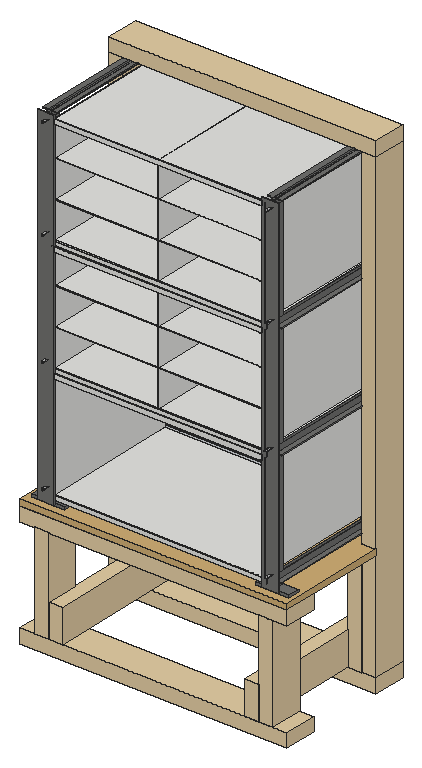
Revit family "Mailboxes_Aluminum-Data_Distribution_System-Salsbury_Industries-3_Unit_High_Wall_Installation", category Specialty Equipment, host Wall, Revit 2016
Family settings
  Host = Wall
  Part Type = Normal
  Round Connector Dimension = Use Diameter
  OmniClass Number = 23.40.90.14.11
  OmniClass Title = Mail Boxes
  Always vertical = Yes
  Cut with Voids When Loaded = No
  Shared = No
  Room Calculation Point = No
Parameters (values of type "Single Column Installation-2400 Series Mailboxes-3 High")
  Version = "2.0 (06/30/18)"
  URL = "www.mailboxes.com"
  Type Comments = "Data Distribution System for Aluminum Mailbox Units"
  Trim Material = Steel - Salsbury Finish - Black
  Starter and Add On Configuration (not applicable) = yes
  Starter Configuration (not applicable) = yes
  Rough Opening Width = 25.375"
  Rough Opening Height = 37.375"
  Rack Ladder Spacing = 23.875"
  Right RO Offset = 1.500"
  Rack Ladder Offset = 0.750"
  Rack Ladder Height = Rack Ladder Units : 2200C3
  Platform Material = Plywood
  OmniClass 23 Title = "Mail Boxes"
  OmniClass 23 Number = "23.40.90.14.11"
  Model = "2400 Series"
  MasterFormat Title = "Postal Specialties"
  MasterFormat Number = "10 55 00"
  Manufacturer = "Salsbury Industries"
  Lock Material = Stainless Steel -Salsbury Finish - Polished
  Left RO Offset = 1.500"
  Front Panel Material = Aluminum - Salsbury Finish - Aluminum
  End Column and Add On Configuration (not applicable) = yes
  Description = "3 Unit High  Installation - Single Column"
  Base Height [instance] = 13.780"
  Base Depth = 16.000"
  Back Enclosure Material = Steel - Salsbury Finish - Clear
  Assembly Code = "C1030910"
  2x4 Platform Support = Softwood, Lumber
  2400 Series Mailbox - Location 3 [instance] = Data Distribution Mailbox Units : 2406
  2400 Series Mailbox - Location 2 [instance] = Data Distribution Mailbox Units : 2406
  2400 Series Mailbox - Location 1 [instance] = Data Distribution Mailbox Units : 2401
Reference planes (in)
  plane 1 "Center of Wall": y = 0
  plane 2 "Center (Left/Right)": x = 0
  plane 3 "Front Face of Wall": y = 2.4375
  plane 4 "Left Side of RO": x = 12.6875
  plane 5 "Right Side of RO": x = -12.6875
  plane 6 "Top of RO": z = 51.155
  plane 7 "Bottom of RO": z = 13.78
  plane 8 "Back of Platform": y = -13.5625
  plane 9 "Floor": z = 0
  plane 10 "Back Face of Wall": y = -2.4375
  plane 11: y = -9.0625
  plane 12 "Base-Back Bottom Frame": z = 1.5
  plane 13 "Base-Back TopFrame": z = 11.655
  plane 14 "Base Center-Back TopFrame": z = 12.405
  plane 15 "Base Center-Back Bottom Frame": z = 0.75
  plane 16 "Bottom of Platform": z = 13.155
  plane 17 "Brace/Support Align-Right": x = -11.1875
  plane 18 "Brace/Support Align-Left": x = 11.1875
  plane 19 "Wall Opening Extension - Left": x = 14.1875
  plane 20 "Wall Opening Extension - Right": x = -14.1875
  plane 21 "Wall Opening Extension - Top": z = 52.655
  plane 22 "Right Rack Ladder Align": x = -11.9375
  plane 23 "Left Rack Ladder Align": x = 11.9375
  plane 24: z = 5
  plane 25: y = -1.75
  plane 26: y = 1.75
  plane 27 "Mail Align 1": z = 14.7175
  plane 28: z = 26.8425
  plane 29: z = 38.9675
  plane 30: z = 51.0925
  plane 31: z = 63.2175
  plane 32: z = 75.3425
  plane 33 "Center of Mailboxes": x = 0
  plane 34 "Mailbox Side Align": x = 11.5935
  plane 35: x = -12.6875
  plane 36: x = 12.6875
  plane 37: y = 2.0625
  plane 38: x = 9.6875
  plane 39: x = -9.6875
  plane 40: y = -10.0625
  plane 41 "15"AFF - Low Reach Limit": z = 15
Forms (in)
  Extrusion 1, void
    sketch origin (0, 0, 0) x (1, 0, 0) y (0, 0, 1)
      loop
        line (12.6875, 51.155) -> (-12.6875, 51.155) -> (-12.6875, 13.78) -> (12.6875, 13.78) -> (12.6875, 51.155)
    from -2.4375 to 2.4375
  Extrusion 2, void
    sketch origin (0, -2.4375, 0) x (-1, 0, 0) y (0, 0, 1)
      loop
        line (12.6875, 13.78) -> (-12.6875, 13.78) -> (-12.6875, 0) -> (12.6875, 0) -> (12.6875, 13.78)
    from 0 to 4.5
  Extrusion 3, solid, material "Softwood, Lumber" <- "2x4 Platform Support"
    sketch origin (0, 0, 0) x (1, 0, 0) y (0, 1, 0)
      loop
        line (14.1875, -13.5625) -> (14.1875, -10.0625) -> (-14.1875, -10.0625) -> (-14.1875, -13.5625) -> (14.1875, -13.5625)
    from 0 to 1.5
  Extrusion 4, solid, material "Softwood, Lumber" <- "2x4 Platform Support"
    sketch origin (0, 11.8125, 0) x (1, 0, 0) y (0, 1, 0)
      loop
        line (14.1875, -13.5625) -> (14.1875, -10.0625) -> (-14.1875, -10.0625) -> (-14.1875, -13.5625) -> (14.1875, -13.5625)
    from 0 to 1.5
  Extrusion 5, solid, material "Softwood, Lumber" <- "2x4 Platform Support"
    sketch origin (0, 0, 11.655) x (1, 0, 0) y (0, 1, 0)
      loop
        line (14.1875, -13.5625) -> (14.1875, -10.0625) -> (-14.1875, -10.0625) -> (-14.1875, -13.5625) -> (14.1875, -13.5625)
    from 0 to 1.5
  Extrusion 6, solid, material "Softwood, Lumber" <- "2x4 Platform Support"
    sketch origin (0, 0, 11.655) x (1, 0, 0) y (0, 1, 0)
      loop
        line (12.6875, -1.75) -> (12.6875, 1.75) -> (-12.6875, 1.75) -> (-12.6875, -1.75) -> (12.6875, -1.75)
    from 0 to 1.5
  Extrusion 7, solid, material "Softwood, Lumber" <- "2x4 Platform Support"
    sketch origin (-12.6875, 0, 0) x (0, 0, -1) y (0, 1, 0)
      loop
        line (-11.655, -13.5625) -> (-1.5, -13.5625) -> (-1.5, -10.0625) -> (-11.655, -10.0625) -> (-11.655, -13.5625)
    from 0 to 1.5
  Extrusion 8, solid, material "Softwood, Lumber" <- "2x4 Platform Support"
    sketch origin (-12.6875, 0, 0) x (0, 0, -1) y (0, 1, 0)
      loop
        line (-11.655, -1.75) -> (-1.5, -1.75) -> (-1.5, 1.75) -> (-11.655, 1.75) -> (-11.655, -1.75)
    from 0 to 1.5
  Extrusion 9, solid, material "Softwood, Lumber" <- "2x4 Platform Support", visible <- "End Column and Add On Configuration (not applicable)"
    sketch origin (12.6875, 0, 0) x (0, 0, -1) y (0, 1, 0)
      loop
        line (-11.655, -13.5625) -> (-1.5, -13.5625) -> (-1.5, -10.0625) -> (-11.655, -10.0625) -> (-11.655, -13.5625)
    from 0 to -1.5
  Extrusion 10, solid, material "Softwood, Lumber" <- "2x4 Platform Support", visible <- "End Column and Add On Configuration (not applicable)"
    sketch origin (12.6875, 0, 0) x (0, 0, -1) y (0, 1, 0)
      loop
        line (-11.655, -1.75) -> (-1.5, -1.75) -> (-1.5, 1.75) -> (-11.655, 1.75) -> (-11.655, -1.75)
    from 0 to -1.5
  Extrusion 11, solid, material "Softwood, Lumber" <- "2x4 Platform Support"
    sketch origin (-11.1875, 0, 0) x (0, 0, -1) y (0, -1, 0)
      loop
        line (-1.5, 13.5625) -> (-5, 13.5625) -> (-5, -1.75) -> (-1.5, -1.75) -> (-1.5, 13.5625)
    from 0 to -1.5
  Extrusion 12, solid, material "Softwood, Lumber" <- "2x4 Platform Support", visible <- "End Column and Add On Configuration (not applicable)"
    sketch origin (11.1875, 0, 0) x (0, 0, -1) y (0, -1, 0)
      loop
        line (-1.5, 13.5625) -> (-5, 13.5625) -> (-5, -1.75) -> (-1.5, -1.75) -> (-1.5, 13.5625)
    from 0 to 1.5
  Extrusion 13, void
    sketch origin (0, 0, 52.655) x (0, -1, 0) y (1, 0, 0)
      loop
        line (2.4375, -14.1875) -> (2.4375, 14.1875) -> (-2.06201, 14.1875) -> (-2.06201, -14.1875) -> (2.4375, -14.1875)
    from -52.655 to 0
  Extrusion 14, solid, material "Softwood, Lumber" <- "2x4 Platform Support", visible <- "End Column and Add On Configuration (not applicable)"
    sketch origin (14.1875, 0, 0) x (0, -1, 0) y (0, 0, 1)
      loop
        line (1.75, 1.5) -> (1.75, 51.155) -> (-1.75, 51.155) -> (-1.75, 1.5) -> (1.75, 1.5)
    from 0 to 1.5
  Extrusion 15, solid, material "Softwood, Lumber" <- "2x4 Platform Support", visible <- "Starter and Add On Configuration (not applicable)"
    sketch origin (-14.1875, 0, 0) x (0, -1, 0) y (0, 0, 1)
      loop
        line (1.75, 1.5) -> (1.75, 51.155) -> (-1.75, 51.155) -> (-1.75, 1.5) -> (1.75, 1.5)
    from 0 to -1.5
  Extrusion 16, solid, material "Softwood, Lumber" <- "2x4 Platform Support"
    sketch origin (0, 11.8125, 52.655) x (0, -1, 0) y (1, 0, 0)
      loop
        line (13.5625, 14.1875) -> (10.0625, 14.1875) -> (10.0625, -14.1875) -> (13.5625, -14.1875) -> (13.5625, 14.1875)
    from 0 to -1.5
  Extrusion 17, solid, material "Plywood" <- "Platform Material"
    sketch origin (0, 0, 13.155) x (0, -1, 0) y (1, 0, 0)
      loop
        line (13.5625, -14.1875) -> (13.5625, 14.1875) -> (-2.0625, 14.1875) -> (-2.0625, -14.1875) -> (13.5625, -14.1875)
    from 0 to 0.625
  Extrusion 18, void
    sketch origin (-12.6875, 0, 0) x (0, 0, -1) y (0, 1, 0)
      loop
        line (-13.155, 2.0625) -> (-13.78, 2.0625) -> (-13.78, -1.75) -> (-13.155, -1.75) -> (-13.155, 2.0625)
    from 0 to -1.5
  Extrusion 19, void
    sketch origin (12.6875, 0, 0) x (0, 0, -1) y (0, 1, 0)
      loop
        line (-13.155, 2.0625) -> (-13.78, 2.0625) -> (-13.78, -1.75) -> (-13.155, -1.75) -> (-13.155, 2.0625)
    from 0 to 1.5
Cuts and joins
  Extrusion 18 cuts Extrusion 6
  Extrusion 18, Extrusion 19 cuts Extrusion 17
Lines and regions (in)
  symbolic lines
    curve 1: line (-14.1875, -13.5625, 14.7175) -> (14.1875, -13.5625, 14.7175)
    curve 2: line (-14.1875, 1.75, 14.7175) -> (-14.1875, -13.5625, 14.7175)
    curve 3: line (14.1875, 1.75, 14.7175) -> (-14.1875, 1.75, 14.7175)
    curve 4: line (14.1875, -13.5625, 14.7175) -> (14.1875, 1.75, 14.7175)
    curve 5: line (-14.1875, -1.75, 14.7175) -> (14.1875, -1.75, 14.7175)
    curve 6: line (-12.6875, -1.75, 52.655) -> (-12.6875, 1.75, 52.655)
    curve 7: line (-12.6875, -1.75, 0) -> (-12.6875, -1.75, 52.655)
    curve 8: line (-12.6875, 1.75, 0) -> (-12.6875, -1.75, 0)
    curve 9: line (-12.6875, 1.75, 52.655) -> (-12.6875, 1.75, 0)
    curve 10: line (-12.6875, -13.5625, 13.155) -> (-12.6875, -10.0625, 13.155)
    curve 11: line (-12.6875, -13.5625, 0) -> (-12.6875, -13.5625, 13.155)
    curve 12: line (-12.6875, -10.0625, 0) -> (-12.6875, -13.5625, 0)
    curve 13: line (-12.6875, -10.0625, 13.155) -> (-12.6875, -10.0625, 0)
    curve 14: line (-12.6875, -13.5625, 11.655) -> (-12.6875, -10.0625, 11.655)
    curve 15: line (-12.6875, -13.5625, 1.5) -> (-12.6875, 1.75, 1.5)
    curve 16: line (-12.6875, -10.0625, 5) -> (-12.6875, -1.75, 5)
    curve 17: line (-12.6875, -13.5625, 13.78) -> (-12.6875, -1.75, 13.78)
    curve 18: line (-12.6875, -13.5625, 13.155) -> (-12.6875, -13.5625, 13.78)
    curve 19: line (-12.6875, -1.75, 13.155) -> (-12.6875, -13.5625, 13.155)
    curve 20: line (-12.6875, -1.75, 51.155) -> (-12.6875, 1.75, 51.155)
    curve 21: line (-14.1875, 0, 52.655) -> (14.1875, 0, 52.655)
    curve 22: line (-14.1875, 0, 51.155) -> (-14.1875, 0, 52.655)
    curve 23: line (14.1875, 0, 51.155) -> (-14.1875, 0, 51.155)
    curve 24: line (14.1875, 0, 52.655) -> (14.1875, 0, 51.155)
    curve 25: line (-14.1875, 0, 51.155) -> (-14.1875, 0, 1.5)
    curve 26: line (14.1875, 0, 51.155) -> (14.1875, 0, 1.5)
    curve 27: line (-14.1875, 0, 0) -> (14.1875, 0, 0)
    curve 28: line (-14.1875, 0, 1.5) -> (-14.1875, 0, 0)
    curve 29: line (14.1875, 0, 1.5) -> (-14.1875, 0, 1.5)
    curve 30: line (14.1875, 0, 0) -> (14.1875, 0, 1.5)
    curve 31: line (-14.1875, 0, 13.155) -> (14.1875, 0, 13.155)
    curve 32: line (-14.1875, 0, 13.78) -> (14.1875, 0, 13.78)
    curve 33: line (14.1875, 0, 11.655) -> (-14.1875, 0, 11.655)
    curve 34: line (-12.6875, 0, 1.5) -> (-12.6875, 0, 11.655)
    curve 35: line (-11.1875, 0, 1.5) -> (-11.1875, 0, 11.655)
    curve 36: line (-9.6875, 0, 1.5) -> (-9.6875, 0, 5)
    curve 37: line (-11.1875, 0, 5) -> (-9.6875, 0, 5)
    curve 38: line (11.1875, 0, 1.5) -> (11.1875, 0, 11.655)
    curve 39: line (12.6875, 0, 1.5) -> (12.6875, 0, 11.655)
    curve 40: line (9.6875, 0, 1.5) -> (9.6875, 0, 5)
    curve 41: line (11.1875, 0, 5) -> (9.6875, 0, 5)
Text (in)
  text "Placement Side" at (0, 40.15149, 123.01588), in view "Right"
  text "Placement Side" at (-58.6842, 42.74981, 0), in view "Ref. Level"
  text "Placement Side" at (0, 47.49176, 140.59947), in view "Left"
Dimensions and locks (in)
  locked: plane 3 "Front Face of Wall" to host wall
  equal spacing: plane 4 "Left Side of RO", plane 2 "Center (Left/Right)", plane 5 "Right Side of RO"
  "Rough Opening Width": plane 4 "Left Side of RO" to plane 5 "Right Side of RO"
  "Rough Opening Height": plane 7 "Bottom of RO" to plane 6 "Top of RO"
  "Base Height": plane 9 "Floor" to plane 7 "Bottom of RO"
  "Base Depth": plane 8 "Back of Platform" to plane 3 "Front Face of Wall"
  plane 8 "Back of Platform" to plane 11 = 4.500"
  plane 24 to plane 12 "Base-Back Bottom Frame" to plane 15 "Base Center-Back Bottom Frame" to plane 9 "Floor" = 3.500", 0.750", 0.750"
  plane 7 "Bottom of RO" to plane 16 "Bottom of Platform" to plane 14 "Base Center-Back TopFrame" to plane 13 "Base-Back TopFrame" = 0.625", 0.750", 0.750"
  plane 5 "Right Side of RO" to plane 17 "Brace/Support Align-Right" to plane 39 = 1.500" locked, 1.500" locked
  plane 38 to plane 18 "Brace/Support Align-Left" to plane 4 "Left Side of RO" = 1.500" locked, 1.500" locked
  "Left RO Offset": plane 4 "Left Side of RO" to plane 19 "Wall Opening Extension - Left"
  "Right RO Offset": plane 20 "Wall Opening Extension - Right" to plane 5 "Right Side of RO"
  locked: plane 21 "Wall Opening Extension - Top" to plane 6 "Top of RO" at 1.5
  "Rack Ladder Spacing": plane 22 "Right Rack Ladder Align" to plane 23 "Left Rack Ladder Align"
  plane 25 to plane 1 "Center of Wall" to plane 26 = 1.750", 1.750"
  "Rack Ladder Offset": plane 22 "Right Rack Ladder Align" to plane 5 "Right Side of RO"
  plane 32 to plane 31 to plane 30 to plane 29 to plane 28 to plane 27 "Mail Align 1" to plane 7 "Bottom of RO" = 12.125", 12.125", 12.125", 12.125", 12.125", 0.9375"
  equal spacing: plane 22 "Right Rack Ladder Align", plane 33 "Center of Mailboxes", plane 23 "Left Rack Ladder Align"
  locked: plane 34 "Mailbox Side Align" to plane 23 "Left Rack Ladder Align" at 0.344
  locked: plane 20 "Wall Opening Extension - Right" to plane 35 at 1.5
  locked: plane 36 to plane 19 "Wall Opening Extension - Left" at 1.5
  locked: plane 37 to plane 3 "Front Face of Wall" at 0.375
  locked: plane 41 "15"AFF - Low Reach Limit" to plane 9 "Floor" at 15
  aligned and locked: plane 9 "Floor" to level
  aligned and locked: plane 6 "Top of RO" to Extrusion 1 sketch curve
  aligned and locked: plane 5 "Right Side of RO" to Extrusion 1 sketch curve
  aligned and locked: Extrusion 1 sketch curve to plane 4 "Left Side of RO"
  aligned and locked: Extrusion 1 sketch curve to plane 7 "Bottom of RO"
  aligned and locked: host wall to Extrusion 1  (x2)
  aligned and locked: plane 10 "Back Face of Wall" to host wall
  aligned and locked: plane 7 "Bottom of RO" to Extrusion 2 sketch curve
  aligned and locked: Extrusion 2 sketch curve to plane 4 "Left Side of RO"
  aligned and locked: plane 5 "Right Side of RO" to Extrusion 2 sketch curve
  aligned and locked: Extrusion 2 sketch curve to plane 9 "Floor"
  aligned and locked: Extrusion 3 to plane 12 "Base-Back Bottom Frame"
  aligned and locked: plane 4 "Left Side of RO" to Extrusion 6
  aligned and locked: Extrusion 6 to plane 5 "Right Side of RO"
  aligned and locked: plane 12 "Base-Back Bottom Frame" to Extrusion 7
  aligned and locked: Extrusion 7 to plane 13 "Base-Back TopFrame"
  aligned and locked: plane 13 "Base-Back TopFrame" to Extrusion 5
  aligned and locked: plane 12 "Base-Back Bottom Frame" to Extrusion 8
  aligned and locked: plane 12 "Base-Back Bottom Frame" to Extrusion 9
  aligned and locked: plane 12 "Base-Back Bottom Frame" to Extrusion 10
  aligned and locked: Extrusion 9 to plane 13 "Base-Back TopFrame"
  aligned and locked: Extrusion 10 to plane 13 "Base-Back TopFrame"
  aligned and locked: Extrusion 4 to Extrusion 12
  aligned and locked: Extrusion 4 to Extrusion 11
  aligned and locked: Extrusion 13 sketch curve to plane 20 "Wall Opening Extension - Right"
  aligned and locked: plane 19 "Wall Opening Extension - Left" to Extrusion 13 sketch curve
  aligned and locked: Extrusion 4 to plane 19 "Wall Opening Extension - Left"
  aligned and locked: plane 20 "Wall Opening Extension - Right" to Extrusion 4
  aligned and locked: Extrusion 17 to plane 7 "Bottom of RO"
  aligned and locked: Extrusion 13 to level
  aligned and locked: plane 24 to Extrusion 12
  aligned and locked: Extrusion 11 to plane 24
  aligned and locked: nested 1 to plane 7 "Bottom of RO"
  aligned and locked: nested 2 to plane 23 "Left Rack Ladder Align"
  aligned and locked: nested 1 to plane 22 "Right Rack Ladder Align"
  aligned and locked: plane 7 "Bottom of RO" to nested 2
  aligned and locked: plane 3 "Front Face of Wall" to nested 1
  aligned and locked: nested 2 to plane 3 "Front Face of Wall"
  aligned and locked: Extrusion 5 to Extrusion 4
  aligned and locked: Extrusion 5 to plane 19 "Wall Opening Extension - Left"
  aligned and locked: Extrusion 5 to Extrusion 17
  aligned and locked: Extrusion 17 to Extrusion 5
  aligned and locked: Extrusion 4 to Extrusion 3  (x2)
  aligned and locked: Extrusion 4 to plane 12 "Base-Back Bottom Frame"
  aligned and locked: plane 12 "Base-Back Bottom Frame" to Extrusion 15
  aligned and locked: Extrusion 15 to plane 6 "Top of RO"
  aligned and locked: Extrusion 14 to plane 6 "Top of RO"
  aligned and locked: Extrusion 16 to plane 19 "Wall Opening Extension - Left"
  aligned and locked: plane 20 "Wall Opening Extension - Right" to Extrusion 16
  aligned and locked: Extrusion 17 to Extrusion 3  (x2)
  aligned and locked: plane 25 to Extrusion 4
  aligned and locked: Extrusion 4 to plane 26
  aligned and locked: plane 25 to Extrusion 14
  aligned and locked: Extrusion 14 to plane 26
  aligned and locked: Extrusion 10 to plane 26
  aligned and locked: plane 25 to Extrusion 10
  aligned and locked: plane 25 to cut or joined group of Extrusion 6, Extrusion 18
  aligned and locked: cut or joined group of Extrusion 6, Extrusion 18 to plane 26
  aligned and locked: plane 25 to Extrusion 8
  aligned and locked: Extrusion 8 to plane 26
  aligned and locked: Extrusion 16 to plane 26  (x2)
  aligned and locked: plane 25 to Extrusion 16
  aligned and locked: cut or joined group of Extrusion 17, Extrusion 18, Extrusion 19 to Extrusion 18
  aligned and locked: Extrusion 18 to Extrusion 4
  aligned and locked: Extrusion 19 to cut or joined group of Extrusion 17, Extrusion 18, Extrusion 19
  aligned and locked: Extrusion 4 to Extrusion 19
  aligned and locked: nested 4 to plane 3 "Front Face of Wall"
  aligned and locked: nested 5 to plane 3 "Front Face of Wall"
  aligned and locked: plane 27 "Mail Align 1" to nested 3
  aligned and locked: plane 28 to nested 4
  aligned and locked: plane 29 to nested 5
  aligned and locked: nested 3 to plane 3 "Front Face of Wall"
  aligned and locked: nested 5 to plane 34 "Mailbox Side Align"
  aligned and locked: nested 4 to plane 34 "Mailbox Side Align"
  aligned and locked: nested 3 to plane 34 "Mailbox Side Align"
  aligned and locked: Extrusion 15 to plane 26
  aligned and locked: plane 25 to Extrusion 15
  aligned and locked: plane 25 to Extrusion 15 sketch curve
  aligned and locked: Extrusion 15 sketch curve to plane 26
  aligned and locked: Extrusion 15 sketch curve to plane 6 "Top of RO"
  aligned and locked: plane 12 "Base-Back Bottom Frame" to Extrusion 15 sketch curve
  aligned and locked: Extrusion 15 to plane 35
  aligned and locked: plane 20 "Wall Opening Extension - Right" to Extrusion 15
  aligned and locked: plane 12 "Base-Back Bottom Frame" to Extrusion 14 sketch curve
  aligned and locked: plane 25 to Extrusion 14 sketch curve
  aligned and locked: Extrusion 14 sketch curve to plane 26
  aligned and locked: Extrusion 14 sketch curve to plane 6 "Top of RO"
  aligned and locked: Extrusion 14 to plane 36
  aligned and locked: Extrusion 14 to plane 19 "Wall Opening Extension - Left"
  aligned and locked: plane 26 to Extrusion 16 sketch curve
  aligned and locked: Extrusion 16 sketch curve to plane 20 "Wall Opening Extension - Right"
  aligned and locked: Extrusion 16 sketch curve to plane 25
  aligned and locked: plane 19 "Wall Opening Extension - Left" to Extrusion 16 sketch curve
  aligned and locked: Extrusion 16 to plane 21 "Wall Opening Extension - Top"
  aligned and locked: plane 6 "Top of RO" to Extrusion 16
  aligned and locked: plane 20 "Wall Opening Extension - Right" to Extrusion 17 sketch curve
  aligned and locked: Extrusion 17 sketch curve to plane 19 "Wall Opening Extension - Left"
  aligned and locked: plane 8 "Back of Platform" to Extrusion 17 sketch curve
  aligned and locked: plane 37 to Extrusion 17 sketch curve
  aligned and locked: plane 16 "Bottom of Platform" to cut or joined group of Extrusion 17, Extrusion 18, Extrusion 19
  aligned and locked: plane 5 "Right Side of RO" to Extrusion 6 sketch curve
  aligned and locked: plane 26 to Extrusion 6 sketch curve
  aligned and locked: Extrusion 6 sketch curve to plane 25
  aligned and locked: Extrusion 6 sketch curve to plane 4 "Left Side of RO"
  aligned and locked: plane 13 "Base-Back TopFrame" to cut or joined group of Extrusion 6, Extrusion 18
  aligned and locked: cut or joined group of Extrusion 6, Extrusion 18 to plane 16 "Bottom of Platform"
  aligned and locked: plane 40 to Extrusion 5 sketch curve
  aligned and locked: Extrusion 5 sketch curve to plane 8 "Back of Platform"
  aligned and locked: Extrusion 5 sketch curve to plane 20 "Wall Opening Extension - Right"
  aligned and locked: plane 19 "Wall Opening Extension - Left" to Extrusion 5 sketch curve
  aligned and locked: Extrusion 5 to plane 16 "Bottom of Platform"
  aligned and locked: plane 13 "Base-Back TopFrame" to Extrusion 8 sketch curve
  aligned and locked: Extrusion 8 sketch curve to plane 25
  aligned and locked: plane 26 to Extrusion 8 sketch curve
  aligned and locked: Extrusion 8 sketch curve to plane 12 "Base-Back Bottom Frame"
  aligned and locked: Extrusion 8 to plane 17 "Brace/Support Align-Right"
  aligned and locked: Extrusion 8 to plane 5 "Right Side of RO"
  aligned and locked: plane 13 "Base-Back TopFrame" to Extrusion 7 sketch curve
  aligned and locked: Extrusion 7 sketch curve to plane 12 "Base-Back Bottom Frame"
  aligned and locked: plane 40 to Extrusion 7 sketch curve
  aligned and locked: Extrusion 7 sketch curve to plane 8 "Back of Platform"
  aligned and locked: Extrusion 7 to plane 17 "Brace/Support Align-Right"
  aligned and locked: Extrusion 7 to plane 5 "Right Side of RO"
  aligned and locked: Extrusion 11 sketch curve to plane 24
  aligned and locked: plane 12 "Base-Back Bottom Frame" to Extrusion 11 sketch curve
  aligned and locked: plane 8 "Back of Platform" to Extrusion 11 sketch curve
  aligned and locked: Extrusion 11 sketch curve to plane 26
  aligned and locked: plane 39 to Extrusion 11
  aligned and locked: plane 17 "Brace/Support Align-Right" to Extrusion 11
  aligned and locked: plane 13 "Base-Back TopFrame" to Extrusion 10 sketch curve
  aligned and locked: Extrusion 10 sketch curve to plane 12 "Base-Back Bottom Frame"
  aligned and locked: Extrusion 10 sketch curve to plane 25
  aligned and locked: plane 26 to Extrusion 10 sketch curve
  aligned and locked: plane 4 "Left Side of RO" to Extrusion 10
  aligned and locked: plane 18 "Brace/Support Align-Left" to Extrusion 10
  aligned and locked: plane 13 "Base-Back TopFrame" to Extrusion 9 sketch curve
  aligned and locked: Extrusion 9 sketch curve to plane 12 "Base-Back Bottom Frame"
  aligned and locked: plane 40 to Extrusion 9 sketch curve
  aligned and locked: Extrusion 9 sketch curve to plane 8 "Back of Platform"
  aligned and locked: plane 4 "Left Side of RO" to Extrusion 9
  aligned and locked: plane 18 "Brace/Support Align-Left" to Extrusion 9
  aligned and locked: Extrusion 12 sketch curve to plane 26
  aligned and locked: Extrusion 12 sketch curve to plane 24
  aligned and locked: plane 12 "Base-Back Bottom Frame" to Extrusion 12 sketch curve
  aligned and locked: plane 8 "Back of Platform" to Extrusion 12 sketch curve
  aligned and locked: Extrusion 12 to plane 18 "Brace/Support Align-Left"
  aligned and locked: Extrusion 12 to plane 38
  aligned and locked: plane 26 to Extrusion 4 sketch curve
  aligned and locked: Extrusion 4 sketch curve to plane 25
  aligned and locked: plane 19 "Wall Opening Extension - Left" to Extrusion 4 sketch curve
  aligned and locked: Extrusion 4 sketch curve to plane 20 "Wall Opening Extension - Right"
  aligned and locked: plane 9 "Floor" to Extrusion 4
  aligned and locked: plane 40 to Extrusion 3 sketch curve
  aligned and locked: Extrusion 3 sketch curve to plane 8 "Back of Platform"
  aligned and locked: plane 19 "Wall Opening Extension - Left" to Extrusion 3 sketch curve
  aligned and locked: Extrusion 3 sketch curve to plane 20 "Wall Opening Extension - Right"
  aligned and locked: plane 9 "Floor" to Extrusion 3
  aligned and locked: plane 8 "Back of Platform" to curve 1
  aligned and locked: plane 20 "Wall Opening Extension - Right" to curve 2
  aligned and locked: curve 4 to plane 19 "Wall Opening Extension - Left"
  aligned and locked: plane 20 "Wall Opening Extension - Right" to curve 5
  aligned and locked: plane 19 "Wall Opening Extension - Left" to curve 5
  aligned and locked: plane 25 to curve 5
  aligned and locked: curve 7 to plane 25
  aligned and locked: plane 21 "Wall Opening Extension - Top" to curve 6
  aligned and locked: plane 26 to curve 9
  aligned and locked: curve 8 to plane 9 "Floor"
  aligned and locked: curve 12 to plane 9 "Floor"
  aligned and locked: plane 40 to curve 13
  aligned and locked: curve 11 to plane 8 "Back of Platform"
  aligned and locked: plane 16 "Bottom of Platform" to curve 10
  aligned and locked: plane 13 "Base-Back TopFrame" to curve 14
  aligned and locked: plane 12 "Base-Back Bottom Frame" to curve 15
  aligned and locked: plane 40 to curve 16
  aligned and locked: plane 25 to curve 16
  aligned and locked: plane 24 to curve 16
  aligned and locked: plane 7 "Bottom of RO" to curve 17
  aligned and locked: curve 19 to plane 16 "Bottom of Platform"
  aligned and locked: curve 18 to plane 8 "Back of Platform"
  aligned and locked: plane 26 to curve 20
  aligned and locked: plane 6 "Top of RO" to curve 20
  aligned and locked: curve 23 to plane 6 "Top of RO"
  aligned and locked: plane 21 "Wall Opening Extension - Top" to curve 21
  aligned and locked: plane 19 "Wall Opening Extension - Left" to curve 24
  aligned and locked: curve 22 to plane 20 "Wall Opening Extension - Right"
  aligned and locked: plane 6 "Top of RO" to curve 25
  aligned and locked: plane 12 "Base-Back Bottom Frame" to curve 25
  aligned and locked: plane 19 "Wall Opening Extension - Left" to curve 26
  aligned and locked: curve 29 to plane 12 "Base-Back Bottom Frame"
  aligned and locked: plane 9 "Floor" to curve 27
  aligned and locked: plane 20 "Wall Opening Extension - Right" to curve 28
  aligned and locked: curve 30 to plane 19 "Wall Opening Extension - Left"
  aligned and locked: plane 16 "Bottom of Platform" to curve 31
  aligned and locked: plane 20 "Wall Opening Extension - Right" to curve 33
  aligned and locked: plane 19 "Wall Opening Extension - Left" to curve 33
  aligned and locked: plane 7 "Bottom of RO" to curve 32
  aligned and locked: curve 33 to plane 13 "Base-Back TopFrame"
  aligned and locked: plane 24 to curve 36
  aligned and locked: curve 34 to plane 35
  aligned and locked: curve 35 to plane 17 "Brace/Support Align-Right"
  aligned and locked: plane 39 to curve 36
  aligned and locked: plane 17 "Brace/Support Align-Right" to curve 37
  aligned and locked: plane 39 to curve 37
  aligned and locked: plane 24 to curve 37
  aligned and locked: plane 13 "Base-Back TopFrame" to curve 39
  aligned and locked: plane 24 to curve 40
  aligned and locked: curve 39 to plane 36
  aligned and locked: curve 38 to plane 18 "Brace/Support Align-Left"
  aligned and locked: plane 38 to curve 40
  aligned and locked: plane 18 "Brace/Support Align-Left" to curve 41
  aligned and locked: plane 38 to curve 41
  aligned and locked: curve 41 to plane 24
Automatic sketch dimensions
  host wall to Extrusion 13 sketch curve = 0.000"
  Extrusion 13 sketch curve to host wall = 0.37549"
  plane 7 "Bottom of RO" to Extrusion 18 sketch curve = 0.000"
  plane 16 "Bottom of Platform" to Extrusion 18 sketch curve = 0.000"
  Extrusion 18 sketch curve to host wall = 0.6875"
  Extrusion 18 sketch curve to host wall = 0.375"
  plane 7 "Bottom of RO" to Extrusion 19 sketch curve = 0.000"
  plane 16 "Bottom of Platform" to Extrusion 19 sketch curve = 0.000"
  Extrusion 19 sketch curve to host wall = 0.6875"
  Extrusion 19 sketch curve to host wall = 0.375"
  plane 26 to curve 4 = 0.000"
Nested families (in)
  nested 1: "Rack Ladder Units" at (-11.9375, -5.125, 13.78), type <- "Rack Ladder Height", type "2200C3"
  nested 2: "Rack Ladder Units" at (11.9375, -5.125, 13.78) x (-1, 0, 0) z (0, 0, 1), type <- "Rack Ladder Height", visible <- "End Column and Add On Configuration (not applicable)", type "2200C3"
  nested 3: "Data Distribution Mailbox Units" at (-0.0315, -5.3125, 14.7175) x (-1, 0, 0) z (0, 0, 1), type <- "2400 Series Mailbox - Location 1", type "2401"
  nested 4: "Data Distribution Mailbox Units" at (-0.0315, -5.3125, 26.8425) x (-1, 0, 0) z (0, 0, 1), type <- "2400 Series Mailbox - Location 2", type "2406"
  nested 5: "Data Distribution Mailbox Units" at (-0.0315, -5.3125, 38.9675) x (-1, 0, 0) z (0, 0, 1), type <- "2400 Series Mailbox - Location 3", type "2406"
Definition of nested family "Rack Ladder Units"
  Parameters (values of type "2200C3")
    Width = 3.500"
    Visible = yes
    Version = "1.0 (04/30/16)"
    Type Comments = "Rack Ladder for Aluminum Mailboxes"
    Trim Material = none
    Number of Dividers = 3
    Model = "2200C3"
    Manufacturer = "Salsbury Industries"
    Lock Material = none
    Height = 37.375"
    Divider Spacing = 24.250"
    Description = "3 High - Custom"
    Depth = 15.875"
  Types (7): name | Visible | Number of Dividers | Model | Height | Divider Spacing | Description
    (no name) | yes | 3 | "2200C3" | 37.375" | 24.250" | "3 High - Custom"
    2200C6 | yes | 6 | "2200C6" | 73.750" | 60.625" | "6 High - Custom"
    2200C5 | yes | 5 | "2200C5" | 61.625" | 48.500" | "5 High - Standard"
    2200C4 | yes | 4 | "2200C4" | 49.500" | 36.375" | "4 High - Custom"
    2200C3 | yes | 3 | "2200C3" | 37.375" | 24.250" | "3 High - Custom"
    2200C2 | yes | 2 | "2200C2" | 25.250" | 12.125" | "2 High - Custom"
    None | no | 2 | "2200C2" | 25.250" | 12.125" | "2 High - Custom"
  Reference planes (in)
    plane 1 "Center (Front/Back)": y = 0
    plane 2 "bottom": z = 0
    plane 3 "Center (Left/Right)": x = 0
    plane 4 "left": y = -7.5625
    plane 5 "right": y = 7.5625
    plane 6 "Bottom of top divider": z = 37.3125
    plane 7 "back": x = -0.625
    plane 8 "front": x = 0.625
    plane 9: z = 0.9375
    plane 10: z = 13.0625
    plane 11: z = 25.1875
    plane 12: z = 37.3125
    plane 13: z = 49.4375
    plane 14: z = 25.1875
    plane 15 "Vertical Bar Base": z = 0.25
    plane 16: y = -6.3125
    plane 17: y = 6.0625
    plane 18: x = 1.75
    plane 19: x = -1.75
    plane 20: x = 0.125
    plane 21: x = -0.125
    plane 22: y = 7.3125
    plane 23 "Divider Left Align": y = -7.3125
    plane 24: x = 0.875
    plane 25: x = -0.875
    plane 26 "Back Plate Align": y = -7.8125
    plane 27 "Divider Right Align": y = 7.0625
    plane 28: y = -7.875
    plane 29: y = -8.3125
    plane 30 "top": z = 37.375
    plane 31: y = 6.3125
  Forms (in)
    Extrusion 1, solid, material <- "Trim Material", visible <- "Visible"
      sketch origin (0, 0, 0) x (1, 0, 0) y (0, 1, 0)
        loop
          line (-1.75, -6.3125) -> (-1.75, -7.5625) -> (1.75, -7.5625) -> (1.75, -6.3125) -> (-1.75, -6.3125)
      from 0 to 0.25
    Extrusion 2, solid, material <- "Trim Material", visible <- "Visible"
      sketch origin (0, -0.125, 0.25) x (1, 0, 0) y (0, 1, 0)
        loop
          line (-0.125, -6.1875) -> (-0.125, -7.4375) -> (0.125, -7.4375) -> (0.125, -6.1875) -> (-0.125, -6.1875)
      from 0 to 37.125
    Extrusion 3, solid, material <- "Trim Material", visible <- "Visible"
      sketch origin (0, 0, 0) x (1, 0, 0) y (0, 1, 0)
        loop
          line (-0.625, 6.3125) -> (1.75, 6.3125) -> (1.75, 7.5625) -> (-0.625, 7.5625) -> (-0.625, 6.3125)
      from 0 to 0.25
    Extrusion 4, solid, material <- "Trim Material", visible <- "Visible"
      sketch origin (0, -0.25, 0.25) x (1, 0, 0) y (0, 1, 0)
        loop
          line (-0.125, 6.3125) -> (0.125, 6.3125) -> (0.125, 7.5625) -> (-0.125, 7.5625) -> (-0.125, 6.3125)
      from 0 to 37.125
    Extrusion 5, solid, material <- "Trim Material", visible <- "Visible"
      sketch origin (0, 0, 0.25) x (1, 0, 0) y (0, 1, 0)
        loop
          line (-0.625, 7.5625) -> (-0.625, 7.3125) -> (0.625, 7.3125) -> (0.625, 7.5625) -> (-0.625, 7.5625)
      from 0 to 37.125
    Extrusion 6, solid, material <- "Trim Material", visible <- "Visible"
      sketch origin (0, -0.4375, 0.25) x (1, 0, 0) y (0, 1, 0)
        loop
          line (-0.875, -7.375) -> (-0.875, -7.4375) -> (0.875, -7.4375) -> (0.875, -7.375) -> (-0.875, -7.375)
      from 0 to 37.125
  Lines and regions (in)
    symbolic lines
      curve 1: line (-1.75, -6.3125, 37.3125) -> (1.75, -6.3125, 37.3125)
      curve 2: line (-1.75, -7.5625, 37.3125) -> (-1.75, -6.3125, 37.3125)
      curve 3: line (1.75, -7.5625, 37.3125) -> (-1.75, -7.5625, 37.3125)
      curve 4: line (1.75, -6.3125, 37.3125) -> (1.75, -7.5625, 37.3125)
      curve 5: line (-0.875, -7.8125, 37.3125) -> (0.875, -7.8125, 37.3125)
      curve 6: line (-0.875, -7.875, 37.3125) -> (-0.875, -7.8125, 37.3125)
      curve 7: line (0.875, -7.875, 37.3125) -> (-0.875, -7.875, 37.3125)
      curve 8: line (0.875, -7.8125, 37.3125) -> (0.875, -7.875, 37.3125)
      curve 9: line (-0.625, 7.5625, 37.3125) -> (1.75, 7.5625, 37.3125)
      curve 10: line (-0.625, 6.3125, 37.3125) -> (-0.625, 7.5625, 37.3125)
      curve 11: line (1.75, 6.3125, 37.3125) -> (-0.625, 6.3125, 37.3125)
      curve 12: line (1.75, 7.5625, 37.3125) -> (1.75, 6.3125, 37.3125)
      curve 13: line (-0.125, -6.3125, 37.3125) -> (0.125, -6.3125, 37.3125)
      curve 14: line (-0.125, -7.5625, 37.3125) -> (-0.125, -6.3125, 37.3125)
      curve 15: line (0.125, -7.5625, 37.3125) -> (-0.125, -7.5625, 37.3125)
      curve 16: line (0.125, -6.3125, 37.3125) -> (0.125, -7.5625, 37.3125)
      curve 17: line (-0.125, 7.3125, 37.3125) -> (0.125, 7.3125, 37.3125)
      curve 18: line (-0.125, 6.0625, 37.3125) -> (-0.125, 7.3125, 37.3125)
      curve 19: line (0.125, 6.0625, 37.3125) -> (-0.125, 6.0625, 37.3125)
      curve 20: line (0.125, 7.3125, 37.3125) -> (0.125, 6.0625, 37.3125)
      curve 21: line (0, -7.5625, 37.375) -> (0, -6.3125, 37.375)
      curve 22: line (0, -7.5625, 0) -> (0, -7.5625, 37.375)
      curve 23: line (0, -6.3125, 0) -> (0, -7.5625, 0)
      curve 24: line (0, -6.3125, 37.375) -> (0, -6.3125, 0)
      curve 25: line (0, 6.0625, 37.375) -> (0, 7.5625, 37.375)
      curve 26: line (0, 6.0625, 0) -> (0, 6.0625, 37.375)
      curve 27: line (0, 7.5625, 0) -> (0, 6.0625, 0)
      curve 28: line (0, 7.5625, 37.375) -> (0, 7.5625, 0)
      curve 29: line (0, -7.875, 37.375) -> (0, -7.8125, 37.375)
      curve 30: line (0, -7.875, 0.25) -> (0, -7.875, 37.375)
      curve 31: line (0, -7.8125, 0.25) -> (0, -7.875, 0.25)
      curve 32: line (0, -7.8125, 37.375) -> (0, -7.8125, 0.25)
      curve 33: line (-0.875, 0, 37.375) -> (0.875, 0, 37.375)
      curve 34: line (-0.875, 0, 0.25) -> (-0.875, 0, 37.375)
      curve 35: line (0.875, 0, 0.25) -> (-0.875, 0, 0.25)
      curve 36: line (0.875, 0, 37.375) -> (0.875, 0, 0.25)
      curve 37: line (-1.75, 0, 0.25) -> (1.75, 0, 0.25)
      curve 38: line (-1.75, 0, 0) -> (-1.75, 0, 0.25)
      curve 39: line (1.75, 0, 0) -> (-1.75, 0, 0)
      curve 40: line (1.75, 0, 0.25) -> (1.75, 0, 0)
  Dimensions and locks (in)
    equal spacing: plane 7 "back", plane 3 "Center (Left/Right)", plane 8 "front"
    locked: plane 7 "back" to plane 8 "front" at 1.25
    equal spacing: plane 4 "left", plane 1 "Center (Front/Back)", plane 5 "right"
    plane 4 "left" to plane 5 "right" = 15.125"
    locked: plane 9 to plane 2 "bottom" at 0.9375
    plane 15 "Vertical Bar Base" to plane 2 "bottom" = 0.250"
    equal spacing: plane 19, plane 3 "Center (Left/Right)", plane 18
    "Width": plane 19 to plane 18
    equal spacing: plane 21, plane 3 "Center (Left/Right)", plane 20
    plane 21 to plane 20 = 0.250"
    plane 17 to plane 22 to plane 5 "right" = 1.250", 0.250"
    plane 29 to plane 28 to plane 26 "Back Plate Align" to plane 4 "left" to plane 23 "Divider Left Align" to plane 16 = 0.4375", 0.0625", 0.250", 0.250", 1.000"
    plane 25 to plane 3 "Center (Left/Right)" to plane 24 = 0.875", 0.875"
    plane 27 "Divider Right Align" to plane 22 = 0.250"
    "Depth": plane 29 to plane 5 "right"
    plane 14 to plane 6 "Bottom of top divider" to plane 30 "top" = 12.125" locked, 0.0625"
    equal spacing: group 1, group 3, group 2  (x3)
    "Divider Spacing": plane 9 to plane 14
    plane 2 "bottom" to plane 30 "top" = 37.375"
    plane 31 to plane 5 "right" = 1.250"
    aligned and locked: level to plane 2 "bottom"
    aligned and locked: nested 2 to plane 9
    aligned and locked: plane 9 to nested 2
    aligned and locked: nested 3 to plane 14
    aligned and locked: plane 6 "Bottom of top divider" to nested 1
    aligned and locked: Extrusion 2 to Extrusion 6
    aligned and locked: Extrusion 5 to Extrusion 4
    aligned and locked: Extrusion 4 to plane 30 "top"
    aligned and locked: Extrusion 2 to plane 30 "top"
    aligned and locked: Extrusion 6 to plane 24
    aligned and locked: plane 25 to Extrusion 6
    aligned and locked: Extrusion 6 sketch curve to plane 28
    aligned and locked: plane 26 "Back Plate Align" to Extrusion 6 sketch curve
    aligned and locked: Extrusion 6 sketch curve to plane 25
    aligned and locked: plane 24 to Extrusion 6 sketch curve
    aligned and locked: plane 15 "Vertical Bar Base" to Extrusion 6
    aligned and locked: plane 17 to Extrusion 4 sketch curve
    aligned and locked: Extrusion 4 sketch curve to plane 20
    aligned and locked: plane 21 to Extrusion 4 sketch curve
    aligned and locked: Extrusion 4 sketch curve to plane 22
    aligned and locked: Extrusion 4 to Extrusion 1
    aligned and locked: plane 5 "right" to Extrusion 5 sketch curve
    aligned and locked: Extrusion 5 sketch curve to plane 22
    aligned and locked: Extrusion 5 sketch curve to plane 7 "back"
    aligned and locked: plane 8 "front" to Extrusion 5 sketch curve
    aligned and locked: plane 15 "Vertical Bar Base" to Extrusion 5
    aligned and locked: plane 16 to Extrusion 2 sketch curve
    aligned and locked: Extrusion 2 sketch curve to plane 4 "left"
    aligned and locked: Extrusion 2 sketch curve to plane 21
    aligned and locked: plane 20 to Extrusion 2 sketch curve
    aligned and locked: plane 15 "Vertical Bar Base" to Extrusion 2
    aligned and locked: Extrusion 1 to plane 18
    aligned and locked: Extrusion 1 to plane 16  (x2)
    aligned and locked: plane 19 to Extrusion 1
    aligned and locked: plane 4 "left" to Extrusion 1
    aligned and locked: plane 16 to Extrusion 1 sketch curve
    aligned and locked: Extrusion 1 sketch curve to plane 4 "left"
    aligned and locked: plane 18 to Extrusion 1 sketch curve
    aligned and locked: Extrusion 1 sketch curve to plane 19
    aligned and locked: Extrusion 1 to plane 2 "bottom"
    aligned and locked: Extrusion 1 to plane 15 "Vertical Bar Base"
    aligned and locked: Extrusion 3 sketch curve to plane 18
    aligned and locked: Extrusion 3 sketch curve to plane 5 "right"
    aligned and locked: plane 7 "back" to Extrusion 3 sketch curve
    aligned and locked: plane 31 to Extrusion 3 sketch curve
    aligned and locked: Extrusion 3 to plane 2 "bottom"
    aligned and locked: Extrusion 3 to plane 15 "Vertical Bar Base"
    aligned and locked: plane 3 "Center (Left/Right)" to nested 3
    aligned and locked: plane 3 "Center (Left/Right)" to nested 2
    aligned and locked: plane 29 to nested 2
    aligned and locked: plane 29 to nested 3
    aligned and locked: plane 29 to nested 1
    aligned and locked: plane 3 "Center (Left/Right)" to nested 1
    aligned and locked: curve 2 to plane 19
    aligned and locked: plane 16 to curve 1
    aligned and locked: plane 18 to curve 4
    aligned and locked: curve 3 to plane 4 "left"
    aligned and locked: curve 7 to plane 28
    aligned and locked: plane 24 to curve 8
    aligned and locked: plane 26 "Back Plate Align" to curve 5
    aligned and locked: curve 6 to plane 25
    aligned and locked: curve 11 to plane 31
    aligned and locked: plane 5 "right" to curve 9
    aligned and locked: curve 10 to plane 7 "back"
    aligned and locked: plane 18 to curve 12
    aligned and locked: plane 20 to curve 16
    aligned and locked: curve 14 to plane 21
    aligned and locked: plane 16 to curve 13
    aligned and locked: curve 15 to plane 4 "left"
    aligned and locked: curve 19 to plane 17
    aligned and locked: plane 20 to curve 20
    aligned and locked: curve 18 to plane 21
    aligned and locked: plane 22 to curve 17
    aligned and locked: plane 16 to curve 24
    aligned and locked: plane 30 "top" to curve 21
    aligned and locked: curve 22 to plane 4 "left"
    aligned and locked: plane 2 "bottom" to curve 23
    aligned and locked: plane 2 "bottom" to curve 27
    aligned and locked: plane 5 "right" to curve 28
    aligned and locked: plane 30 "top" to curve 25
    aligned and locked: curve 26 to plane 17
    aligned and locked: plane 26 "Back Plate Align" to curve 32
    aligned and locked: curve 31 to plane 15 "Vertical Bar Base"
    aligned and locked: curve 30 to plane 28
    aligned and locked: plane 30 "top" to curve 29
    aligned and locked: curve 34 to plane 25
    aligned and locked: plane 30 "top" to curve 33
    aligned and locked: plane 24 to curve 36
    aligned and locked: curve 35 to plane 15 "Vertical Bar Base"
    aligned and locked: plane 18 to curve 40
    aligned and locked: plane 15 "Vertical Bar Base" to curve 37
    aligned and locked: curve 38 to plane 19
    aligned and locked: plane 2 "bottom" to curve 39
  Nested families (in)
    nested 1: "Rack Ladder Divider" at (0, -0.125, 36.75), visible <- "Visible", type "Rack Ladder Divider"
    nested 2: "Rack Ladder Divider - Upward" at (0, -0.125, 0.9375), visible <- "Visible", type "Rack Ladder Divider"
    nested 3: "Rack Ladder Divider - Upward" at (0, -0.125, 25.1875), visible <- "Visible", type "Rack Ladder Divider"
    nested 4: "Rack Ladder Divider - Upward" at (0, -0.125, 13.0625), visible <- "Visible", type "Rack Ladder Divider"
  Definition of nested family "Rack Ladder Divider"
    Parameters (values of type "Rack Ladder Divider")
      Width = 1.500"
      Trim Material = none
      Model = "Rack Ladder Divider"
      Manufacturer = "Salsbury Industries"
      Lock Material = none
      Height = 0.625"
      Gap = 0.250"
      Depth = 14.375"
    Reference planes (in)
      plane 1 "Center (Front/Back)": y = 0
      plane 2 "bottom": z = 0
      plane 3 "Center (Left/Right)": x = 0
      plane 4: x = -0.125
      plane 5: x = 0.125
      plane 6 "front": y = -7.1875
      plane 7 "back": y = 7.1875
      plane 8 "top": z = 0.625
      plane 9: z = 0.5625
      plane 10 "left": x = -0.75
      plane 11 "right": x = 0.75
      plane 12: x = -0.1875
      plane 13: x = 0.1875
      plane 14 "Screw Line": z = -0.219
      plane 15 "Screw Align": y = -7.4375
      plane 16: y = -8.1875
      plane 17: x = -0.10973
      plane 18: x = 0.10973
    Forms (in)
      Extrusion 1, solid, material <- "Trim Material"
        sketch origin (0, 0, 0) x (1, 0, 0) y (0, 0, 1)
          loop
            line (0.125, 0) -> (0.1875, 0) -> (0.1875, 0.5625) -> (0.75, 0.5625) -> (0.75, 0.625) -> (0.125, 0.625) -> (0.125, 0)
          loop
            line (-0.125, 0) -> (-0.125, 0.625) -> (-0.75, 0.625) -> (-0.75, 0.5625) -> (-0.1875, 0.5625) -> (-0.1875, 0) -> (-0.125, 0)
        from -7.1875 to 7.1875
      Extrusion 2, solid, material <- "Lock Material", detail levels medium+fine
        sketch origin (0, -7.4375, 0) x (1, 0, 0) y (0, 0, 1)
          loop
            circle (0, -0.11) r 0.109
        from 0 to 0.75
    Lines and regions (in)
      symbolic lines
        curve 1: line (-0.75, 0, 0.625) -> (-0.125, 0, 0.625)
        curve 2: line (-0.75, 0, 0.5625) -> (-0.75, 0, 0.625)
        curve 3: line (-0.1875, 0, 0.5625) -> (-0.75, 0, 0.5625)
        curve 4: line (-0.125, 0, 0.625) -> (-0.125, 0, 0)
        curve 5: line (0.125, 0, 0.625) -> (0.75, 0, 0.625)
        curve 6: line (0.125, 0, 0) -> (0.125, 0, 0.625)
        curve 7: line (0.75, 0, 0.5625) -> (0.1875, 0, 0.5625)
        curve 8: line (0.75, 0, 0.625) -> (0.75, 0, 0.5625)
        curve 9: line (-0.1875, 0, 0.5625) -> (-0.1875, 0, 0)
        curve 10: line (-0.1875, 0, 0) -> (-0.125, 0, 0)
        curve 11: line (0.1875, 0, 0.5625) -> (0.1875, 0, 0)
        curve 12: line (0.1875, 0, 0) -> (0.125, 0, 0)
        curve 13: circle (0, 0, -0.11217) r 0.10936 normal (0, -1, 0)
        curve 14: line (-0.75, 7.1875, 0) -> (-0.125, 7.1875, 0)
        curve 15: line (-0.75, -7.1875, 0) -> (-0.75, 7.1875, 0)
        curve 16: line (-0.125, -7.1875, 0) -> (-0.75, -7.1875, 0)
        curve 17: line (-0.125, 7.1875, 0) -> (-0.125, -7.1875, 0)
        curve 18: line (0.75, 7.1875, 0) -> (0.125, 7.1875, 0)
        curve 19: line (0.75, -7.1875, 0) -> (0.75, 7.1875, 0)
        curve 20: line (0.125, -7.1875, 0) -> (0.75, -7.1875, 0)
        curve 21: line (0.125, 7.1875, 0) -> (0.125, -7.1875, 0)
        curve 22: line (-0.10973, -7.4375, 0) -> (0.10973, -7.4375, 0)
        curve 23: line (-0.10973, -8.1875, 0) -> (-0.10973, -7.4375, 0)
        curve 24: line (0.10973, -8.1875, 0) -> (-0.10973, -8.1875, 0)
        curve 25: line (0.10973, -7.4375, 0) -> (0.10973, -8.1875, 0)
        curve 26: line (0, -7.1875, 0.625) -> (0, 7.1875, 0.625)
        curve 27: line (0, -7.1875, 0) -> (0, -7.1875, 0.625)
        curve 28: line (0, 7.1875, 0) -> (0, -7.1875, 0)
        curve 29: line (0, 7.1875, 0.625) -> (0, 7.1875, 0)
        curve 30: line (0, -7.1875, 0.5625) -> (0, 7.1875, 0.5625)
        curve 31: line (0, -8.1875, 0) -> (0, -7.4375, 0)
        curve 32: line (0, -8.1875, -0.219) -> (0, -8.1875, 0)
        curve 33: line (0, -7.4375, -0.219) -> (0, -8.1875, -0.219)
        curve 34: line (0, -7.4375, 0) -> (0, -7.4375, -0.219)
    Dimensions and locks (in)
      equal spacing: plane 4, plane 3 "Center (Left/Right)", plane 5
      "Gap": plane 4 to plane 5
      plane 12 to plane 4 = 0.0625"
      plane 5 to plane 13 = 0.0625"
      equal spacing: plane 10 "left", plane 3 "Center (Left/Right)", plane 11 "right"
      "Width": plane 10 "left" to plane 11 "right"
      equal spacing: plane 6 "front", plane 1 "Center (Front/Back)", plane 7 "back"
      "Depth": plane 6 "front" to plane 7 "back"
      "Height": plane 8 "top" to plane 2 "bottom"
      plane 8 "top" to plane 9 = 0.0625"
      plane 2 "bottom" to plane 14 "Screw Line" = 0.219"
      locked: plane 15 "Screw Align" to plane 6 "front" at 0.25
      equal spacing: plane 17, plane 3 "Center (Left/Right)", plane 18
      aligned and locked: level to plane 2 "bottom"
      aligned and locked: plane 4 to curve 4
      aligned and locked: plane 8 "top" to curve 1
      aligned and locked: curve 2 to plane 10 "left"
      aligned and locked: curve 3 to plane 9
      aligned and locked: curve 9 to Extrusion 1
      aligned and locked: curve 10 to Extrusion 1
      aligned and locked: curve 6 to plane 5
      aligned and locked: plane 8 "top" to curve 5
      aligned and locked: plane 11 "right" to curve 8
      aligned and locked: curve 7 to plane 9
      aligned and locked: curve 11 to Extrusion 1
      aligned and locked: curve 12 to Extrusion 1
      aligned and locked: curve 18 to plane 7 "back"
      aligned and locked: plane 7 "back" to curve 14
      aligned and locked: curve 15 to plane 10 "left"
      aligned and locked: curve 19 to plane 11 "right"
      aligned and locked: Extrusion 2 to plane 15 "Screw Align"
      aligned and locked: curve 21 to plane 5
      aligned and locked: plane 6 "front" to curve 20
      aligned and locked: curve 16 to plane 6 "front"
      aligned and locked: plane 15 "Screw Align" to curve 22
      aligned and locked: curve 24 to plane 16
      aligned and locked: plane 18 to curve 25
      aligned and locked: curve 23 to plane 17
      aligned and locked: plane 16 to Extrusion 2
      aligned and locked: plane 7 "back" to curve 29
      aligned and locked: plane 2 "bottom" to curve 28
      aligned and locked: curve 27 to plane 6 "front"
      aligned and locked: plane 8 "top" to curve 26
      aligned and locked: plane 6 "front" to curve 30
      aligned and locked: plane 7 "back" to curve 30
      aligned and locked: plane 9 to curve 30
      aligned and locked: plane 15 "Screw Align" to curve 34
      aligned and locked: curve 32 to plane 16
      aligned and locked: curve 33 to plane 14 "Screw Line"
      aligned and locked: curve 31 to plane 2 "bottom"
    Automatic sketch dimensions
      Extrusion 1 sketch curve to plane 8 "top" = 0.000"  (x2)
      plane 10 "left" to Extrusion 1 sketch curve = 0.000"
      Extrusion 1 sketch curve to plane 9 = 0.000"  (x2)
      plane 12 to Extrusion 1 sketch curve = 0.000"
      Extrusion 1 sketch curve to level = 0.000"  (x2)
      plane 4 to Extrusion 1 sketch curve = 0.000"
      plane 5 to Extrusion 1 sketch curve = 0.000"
      plane 13 to Extrusion 1 sketch curve = 0.000"
      plane 11 "right" to Extrusion 1 sketch curve = 0.000"
      Extrusion 2 sketch curve to plane 3 "Center (Left/Right)" = 0.000"
      Extrusion 2 sketch curve to plane 14 "Screw Line" = 0.109"
      curve 13 to plane 3 "Center (Left/Right)" = 0.000"
      curve 13 to plane 14 "Screw Line" = 0.10683"
      curve 17 to plane 4 = 0.000"
      radius of Extrusion 2 sketch curve = 0.109"
      radius of curve 13 = 0.10936"
  Definition of nested family "Rack Ladder Divider - Upward"
    Parameters (values of type "Rack Ladder Divider")
      Width = 1.500"
      Trim Material = none
      Model = "Rack Ladder Divider"
      Manufacturer = "Salsbury Industries"
      Lock Material = none
      Height = 0.625"
      Gap = 0.250"
      Depth = 14.375"
    Reference planes (in)
      plane 1 "Center (Front/Back)": y = 0
      plane 2 "bottom": z = 0
      plane 3 "Center (Left/Right)": x = 0
      plane 4: x = -0.125
      plane 5: x = 0.125
      plane 6 "front": y = -7.1875
      plane 7 "back": y = 7.1875
      plane 8 "top": z = 0.625
      plane 9: z = 0.0625
      plane 10 "left": x = -0.75
      plane 11 "right": x = 0.75
      plane 12: x = -0.1875
      plane 13: x = 0.1875
      plane 14 "Screw Align": y = -7.4375
      plane 15: z = 0.844
      plane 16: y = -8.1875
    Forms (in)
      Extrusion 1, solid, material <- "Trim Material"
        sketch origin (0, 0, 0.625) x (1, 0, 0) y (0, 0, 1)
          loop
            line (0.125, 0) -> (0.125, -0.625) -> (0.75, -0.625) -> (0.75, -0.5625) -> (0.1875, -0.5625) -> (0.1875, 0) -> (0.125, 0)
          loop
            line (-0.125, 0) -> (-0.1875, 0) -> (-0.1875, -0.5625) -> (-0.75, -0.5625) -> (-0.75, -0.625) -> (-0.125, -0.625) -> (-0.125, 0)
        from -7.1875 to 7.1875
      Extrusion 2, solid, material <- "Lock Material", detail levels medium+fine
        sketch origin (0, -7.4375, 1.25) x (1, 0, 0) y (0, 0, 1)
          loop
            circle (0, -0.515) r 0.1089
        from 0 to 0.75
    Lines and regions (in)
      symbolic lines
        curve 1: line (-0.75, 0, 0.0625) -> (-0.1875, 0, 0.0625)
        curve 2: line (-0.75, 0, 0) -> (-0.75, 0, 0.0625)
        curve 3: line (-0.125, 0, 0) -> (-0.75, 0, 0)
        curve 4: line (-0.125, 0, 0.625) -> (-0.125, 0, 0)
        curve 5: line (-0.125, 0, 0.625) -> (-0.1875, 0, 0.625)
        curve 6: line (-0.1875, 0, 0.625) -> (-0.1875, 0, 0.0625)
        curve 7: line (0.1875, 0, 0.0625) -> (0.75, 0, 0.0625)
        curve 8: line (0.125, 0, 0) -> (0.125, 0, 0.625)
        curve 9: line (0.75, 0, 0) -> (0.125, 0, 0)
        curve 10: line (0.75, 0, 0.0625) -> (0.75, 0, 0)
        curve 11: line (0.1875, 0, 0.625) -> (0.125, 0, 0.625)
        curve 12: line (0.1875, 0, 0.0625) -> (0.1875, 0, 0.625)
        curve 13: circle (0, 0, 0.73437) r 0.10952 normal (0, -1, 0)
        curve 14: line (0, 7.1875, 0.625) -> (0, -7.1875, 0.625)
        curve 15: line (0, 7.1875, 0) -> (0, 7.1875, 0.625)
        curve 16: line (0, -7.1875, 0) -> (0, 7.1875, 0)
        curve 17: line (0, -7.1875, 0.625) -> (0, -7.1875, 0)
        curve 18: line (0, -7.4375, 0.844) -> (0, -8.1875, 0.844)
        curve 19: line (0, -7.4375, 0.625) -> (0, -7.4375, 0.844)
        curve 20: line (0, -8.1875, 0.625) -> (0, -7.4375, 0.625)
        curve 21: line (0, -8.1875, 0.844) -> (0, -8.1875, 0.625)
        curve 22: line (0, -7.1875, 0.0625) -> (0, 7.1875, 0.0625)
    Dimensions and locks (in)
      equal spacing: plane 4, plane 3 "Center (Left/Right)", plane 5
      "Gap": plane 4 to plane 5
      plane 12 to plane 4 = 0.0625"
      plane 5 to plane 13 = 0.0625"
      equal spacing: plane 10 "left", plane 3 "Center (Left/Right)", plane 11 "right"
      "Width": plane 10 "left" to plane 11 "right"
      equal spacing: plane 6 "front", plane 1 "Center (Front/Back)", plane 7 "back"
      "Depth": plane 6 "front" to plane 7 "back"
      "Height": plane 8 "top" to plane 2 "bottom"
      locked: plane 14 "Screw Align" to plane 6 "front" at 0.25
      plane 15 to plane 8 "top" = 0.219"
      plane 9 to plane 2 "bottom" = 0.0625"
      aligned and locked: level to plane 2 "bottom"
      aligned and locked: Extrusion 1 sketch curve to plane 11 "right"
      aligned and locked: plane 9 to Extrusion 1 sketch curve
      aligned and locked: Extrusion 1 sketch curve to plane 9
      aligned and locked: plane 2 "bottom" to Extrusion 1 sketch curve
      aligned and locked: Extrusion 1 sketch curve to plane 2 "bottom"
      aligned and locked: Extrusion 1 sketch curve to plane 10 "left"
      aligned and locked: Extrusion 1 sketch curve to plane 12
      aligned and locked: plane 4 to Extrusion 1 sketch curve
      aligned and locked: plane 5 to Extrusion 1 sketch curve
      aligned and locked: Extrusion 1 sketch curve to plane 13
      aligned and locked: Extrusion 1 sketch curve to plane 8 "top"
      aligned and locked: plane 8 "top" to Extrusion 1 sketch curve
      aligned and locked: Extrusion 2 to plane 14 "Screw Align"
      aligned and locked: plane 16 to Extrusion 2
      aligned and locked: plane 6 "front" to Extrusion 1
      aligned and locked: Extrusion 1 to plane 7 "back"
      aligned and locked: plane 9 to curve 1
      aligned and locked: curve 2 to plane 10 "left"
      aligned and locked: plane 2 "bottom" to curve 3
      aligned and locked: plane 4 to curve 4
      aligned and locked: curve 5 to Extrusion 1
      aligned and locked: curve 6 to Extrusion 1
      aligned and locked: plane 11 "right" to curve 10
      aligned and locked: plane 9 to curve 7
      aligned and locked: plane 2 "bottom" to curve 9
      aligned and locked: curve 8 to plane 5
      aligned and locked: curve 11 to Extrusion 1
      aligned and locked: curve 12 to Extrusion 1
      aligned and locked: plane 8 "top" to curve 14
      aligned and locked: plane 7 "back" to curve 15
      aligned and locked: plane 2 "bottom" to curve 16
      aligned and locked: curve 17 to plane 6 "front"
      aligned and locked: plane 14 "Screw Align" to curve 19
      aligned and locked: curve 20 to plane 8 "top"
      aligned and locked: curve 18 to plane 15
      aligned and locked: curve 21 to plane 16
      aligned and locked: plane 6 "front" to curve 22
      aligned and locked: curve 22 to plane 9
      aligned and locked: plane 7 "back" to curve 22
    Automatic sketch dimensions
      Extrusion 2 sketch curve to plane 3 "Center (Left/Right)" = 0.000"
      plane 15 to Extrusion 2 sketch curve = 0.109"
      curve 13 to plane 3 "Center (Left/Right)" = 0.000"
      curve 13 to plane 8 "top" = 0.10937"
      radius of Extrusion 2 sketch curve = 0.1089"
      radius of curve 13 = 0.10952"
Definition of nested family "Data Distribution Mailbox Units"
  Parameters (values of type "2406")
    Width = 23.250"
    Void 2 Offset = 6.200"
    Void 1 Offset = if(Void 2 Offset = 0.040", 6.200", if(Void 2 Offset = 0.000", 0.000", 6.200"))  # 6.200"
    Visible = yes
    Version = "1.0 (06/30/18)"
    URL = "www.mailboxes.com"
    Type Comments = "Aluminum Mailbox"
    Trim Material = none
    Top Inner Divider = no
    Rear Overhang = yes
    OmniClass 23 Title = "Mail Boxes"
    OmniClass 23 Number = "23.40.90.14.11"
    Model = "2406"
    MasterFormat Title = "Postal Specialties"
    MasterFormat Number = "10 55 00"
    Manufacturer = "Salsbury Industries"
    Lock Material = none
    Horizontal Dividers 1 and 3 = yes
    Horizontal Dividers = no
    Height = 12.188"
    Front Panel Material = none
    Door Location D8 = Data Distribution #1,2,3 Doors : None
    Door Location D7 = Data Distribution #1,2,3 Doors : None
    Door Location D6 = Data Distribution #1,2,3 Doors : #1 Door
    Door Location D5 = Data Distribution #1,2,3 Doors : #1 Door
    Door Location D4 = Data Distribution #1,2,3 Doors : #1 Door
    Door Location D3 = Data Distribution #1,2,3 Doors : #1 Door
    Door Location D2 = Data Distribution #1,2,3 Doors : #1 Door
    Door Location D1 = Data Distribution #1,2,3 Doors : #1 Door
    Divider 3 = yes
    Description = "Data Distribution System - (6) #1 Doors"
    Depth = 15.500"
    Box Offset = 0.156"
    Back Enclosure Material = none
    Assembly Code = "C1030910"
  Types (5): name | Void 2 Offset | Void 1 Offset | Visible | Top Inner Divider | Rear Overhang | Model | Horizontal Dividers 1 and 3 | Horizontal Dividers | Door Location D8 | Door Location D7 | Door Location D6 | Door Location D5 | Door Location D4 | Door Location D3 | Door Location D2 | Door Location D1 | Divider 3 | Description
    2404 | 0.000" | 0.000" | yes | no | yes | "2404" | no | yes | Data Distribution #1,2,3 Doors : #2 Door | Data Distribution #1,2,3 Doors : #2 Door | Data Distribution #1,2,3 Doors : #2 Door | Data Distribution #1,2,3 Doors : None | Data Distribution #1,2,3 Doors : None | Data Distribution #1,2,3 Doors : #2 Door | Data Distribution #1,2,3 Doors : None | Data Distribution #1,2,3 Doors : None | yes | "Data Distribution System - (4) #2 Doors"
    2402 | 0.000" | 0.000" | yes | no | yes | "2402" | no | yes | Data Distribution #1,2,3 Doors : #3 Door | Data Distribution #1,2,3 Doors : None | Data Distribution #1,2,3 Doors : #3 Door | Data Distribution #1,2,3 Doors : None | Data Distribution #1,2,3 Doors : None | Data Distribution #1,2,3 Doors : None | Data Distribution #1,2,3 Doors : None | Data Distribution #1,2,3 Doors : None | no | "Data Distribution System - (2) #3 Doors"
    None | 0.000" | 0.000" | no | no | no | "No Unit" | no | no | Data Distribution #1,2,3 Doors : #3 Door | Data Distribution #1,2,3 Doors : None | Data Distribution #1,2,3 Doors : #3 Door | Data Distribution #1,2,3 Doors : None | Data Distribution #1,2,3 Doors : None | Data Distribution #1,2,3 Doors : None | Data Distribution #1,2,3 Doors : None | Data Distribution #1,2,3 Doors : None | no | "Data Distribution System"
